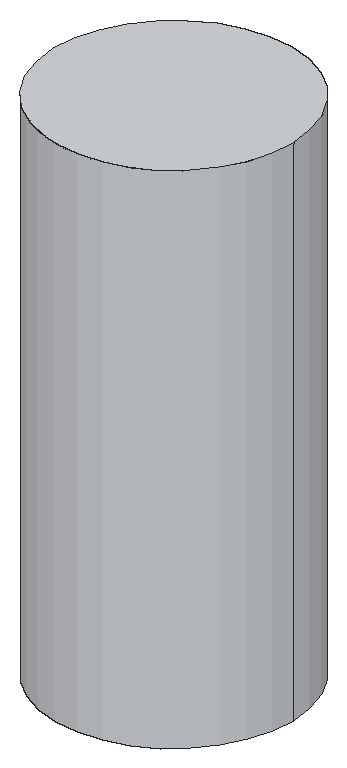
Revit family "CVC_Ballon-tampon_Weishaupt_WES-1000-WP-B", category Equipement de génie climatique, Revit 2026
Family settings
  Cote de connecteur circulaire = Utiliser le diamètre
  Type d'élément = Normal
  Basée sur le plan de construction = Non
  Toujours verticalement = Oui
  Couper avec des vides une fois chargée = Non
  Conserver l'orientation des annotations = Non
  Partagée = Non
  Repère de localisation dans la pièce = Non
Parameters (values of type "1000 L")
  Source = "CCTP lot 12 § 4.6.4 ; données Weishaupt"
  Modèle = "WES 1000 WP/B"
  Fabricant = "Weishaupt"
  Elévation par défaut = 0 mm
  Description = "Ballon tampon"
  Caractéristiques CCTP = "Ballon tampon 1000 L en chaufferie"
  A vérifier = "Raccordements à vérifier"
Reference planes
  plane 1 "Centre (avant/arrière)": y = 0
  plane 2: z = 0
  plane 3 "Centre (gauche/droite)": x = 0
Forms (mm)
  Extrusion 1, solid
    sketch origin (0, 0, 0) x (1, 0, 0) y (0, 1, 0)
      loop
        circle (0, 0) r 495
    from 0 to 2135
  Extrusion 2, solid
    sketch origin (0, 0, 2135) x (1, 0, 0) y (0, 1, 0)
      loop
        circle (-200, 0) r 25
    from 0 to 60
  Extrusion 3, solid
    sketch origin (0, 0, 2135) x (1, 0, 0) y (0, 1, 0)
      loop
        circle (200, 0) r 25
    from 0 to 60
Dimensions and locks
  aligned and locked: level to plane 2
Connectors
  piping at (-200, 0, 2195), diameter 50
    settings: on Extrusion 2, index 1, connector inside diameter 609.6 mm, connector length 0 mm, flow factor 0, pipe flow 0.0 L/s, pressure drop 0.0 Pa, fitting loss kfactor 0, connector angle 0.00°, fixture units 0, engagement length 0 mm, angle of deflection 0.00°, flow configuration 0, flow direction 0, fitting loss method 0, system type 7, joint type 0, gender type 0, connector reference index -1, connector utility 0, adjustable connector no, is connector primary yes, connector description "Depart"
  piping at (200, 0, 2195), diameter 50
    settings: on Extrusion 3, index 2, connector inside diameter 609.6 mm, connector length 0 mm, flow factor 0, pipe flow 0.0 L/s, pressure drop 0.0 Pa, fitting loss kfactor 0, connector angle 0.00°, fixture units 0, engagement length 0 mm, angle of deflection 0.00°, flow configuration 0, flow direction 0, fitting loss method 0, system type 8, joint type 0, gender type 0, connector reference index -1, connector utility 0, adjustable connector no, is connector primary no, connector description "Retour"
